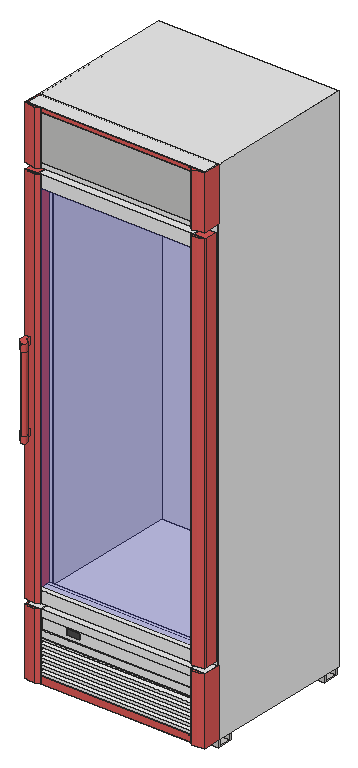
Revit family "QF_Turbo Air_TGM-15SD146659a0-182b-401f-889a-ad04972f01a6", category Specialty Equipment, Revit 2012
Parameters (values of type "White - Wine")
  Width = 2' - 2 3/8"  # constant formula
  Weight in Pounds = 281  # constant formula
  Watermarked By = "http://revitwatermark.com"
  Volts = 115 V
  URL Cutsheet = ""
  URL = "www.turboairinc.com"
  Status [instance] = ""
  Specification by User [instance] = ""
  Specification by Manufacturer [instance] = ""
  Sign Material [instance] = QF_Finishes_Turbo Air Image
  Serial Number [instance] = ""
  Revision Code [instance] = ""
  Phase = 1
  Number of Poles [instance] = 1
  NAFEM Spec ID Number [instance] = ""
  Model = "TGM-15SDV"
  Masterspec [instance] = ""
  Manufacturer = "Turbo Air"  # constant formula
  Lower Door Frame Material = QF_Finishes_White
  Lower Cowl Frame Material = QF_Finishes_Anodized - Red
  Legs [instance] = not(Casters)  # yes
  Item Number [instance] = "-"
  Installed By [instance] = ""
  HP = "1/4"
  Furnished By [instance] = ""
  Foodservice Equipment Identifier = yes
  FL Amps = 5.5 A
  Electrical Remarks [instance] = ""
  Electric Connection Type [instance] = ""
  Elec Conn RI Height [instance] = 0' - 0"
  Elec Conn Connection Height [instance] = if(Casters, 0' 11", 0' 6")  # 0' - 6"
  Door Material = QF_Finishes_Anodized - Red
  Description = "Refrigerator Merchandiser"
  Depth = 2' - 0 3/8"  # constant formula
  Cycle = 60 Hz
  Conn Plug = "NEMA 5-15P"
  CasterLeg Height [instance] = if(Casters, 0' 5", 0' 0 1/2")  # 0' - 0 1/2"
  CSI MasterFormat = "11 41 13"
  Body Material = QF_Finishes_White
  Assembly Code = "E1090320"
  Apparent Power = if(Phase = 3, Volts * FL Amps * 1.73, Volts * FL Amps)  # 632.5 VA
  Casters [instance] = no
Types (4): name | Model | Lower Door Frame Material | Lower Cowl Frame Material | Door Material | Body Material
  (no name) | "TGM-15SDV" | QF_Finishes_White | QF_Finishes_Anodized - Red | QF_Finishes_Anodized - Red | QF_Finishes_White
  Black | "TGM-15SDB" | QF_Finishes_Black | QF_Finishes_Black | QF_Finishes_Black | QF_Finishes_Black
  White | "TGM-15SDW" | QF_Finishes_White | QF_Finishes_White | QF_Finishes_White | QF_Finishes_White
  White - Wine | "TGM-15SDV" | QF_Finishes_White | QF_Finishes_Anodized - Red | QF_Finishes_Anodized - Red | QF_Finishes_White
Reference planes (in)
  plane 1: z = 0
  plane 2 "LEFT": x = -20.72594
  plane 3 "RIGHT": x = 5.64906
  plane 4 "FRONT": y = -29.375
  plane 5 "BACK": y = -2.75
  plane 6 "Front of Door": y = -27.125
  plane 7 "Top of Door": z = 68.5
  plane 8 "Top of Lower Cowl": z = 11.375
  plane 9 "Front of Box": y = -24.75
  plane 10 "Bottom of Door": z = 12.125
  plane 11 "Bottom of Lower Cowl": z = 1.625
  plane 12 "Left of Vents": x = -18.53844
  plane 13 "Right of Vents": x = 3.46156
  plane 14 "Bottom": z = 0.5
  plane 15 "TOP": z = 77.25
  plane 16 "Bottom of Top Display": z = 69.375
Forms (in)
  Extrusion 1, solid, material "QF_Finishes_White" <- "Body Material"
    sketch origin (0, -2.75, 0) x (1, 0, 0) y (0, 0, 1)
      loop
        line (-20.72594, 1.625) -> (5.64906, 1.625) -> (5.64906, 77.25) -> (-20.72594, 77.25) -> (-20.72594, 1.625)
      loop
        line (-20.60094, 77.125) -> (-20.60094, 1.75) -> (5.52406, 1.75) -> (5.52406, 77.125) -> (-20.60094, 77.125)
    from 0 to 22
  Extrusion 2, solid, material "QF_Finishes_White" <- "Body Material"
    sketch origin (0, -2.75, 0) x (1, 0, 0) y (0, 0, 1)
      loop
        line (-20.60094, 77.125) -> (-20.60094, 1.75) -> (5.52406, 1.75) -> (5.52406, 77.125) -> (-20.60094, 77.125)
    from 0 to 0.125
  Extrusion 3, solid, material "QF_Finishes_White" <- "Body Material"
    sketch origin (0, -24.75, 0) x (1, 0, 0) y (0, 0, 1)
      loop
        line (-18.72594, 66.5) -> (-18.72594, 13.375) -> (3.64906, 13.375) -> (3.64906, 66.5) -> (-18.72594, 66.5)
      loop
        line (-20.60094, 77.125) -> (-20.60094, 1.75) -> (5.52406, 1.75) -> (5.52406, 77.125) -> (-20.60094, 77.125)
      loop
        line (3.46156, 11.375) -> (-18.53844, 11.375) -> (-18.53844, 2.625) -> (3.46156, 2.625) -> (3.46156, 11.375)
    from 0 to -0.125
  Extrusion 4, solid, material "QF_Finishes_White"
    sketch origin (-20.72594, 0, 0) x (0, 1, 0) y (0, 0, 1)
      loop
        line (-24.625, 11.5) -> (-2.875, 11.5) -> (-2.875, 77.125) -> (-24.625, 77.125) -> (-24.625, 66.5) -> (-22.75, 66.5) -> (-22.75, 75.25) -> (-4.75, 75.25) -> (-4.75, 13.375) -> (-24.625, 13.375) -> (-24.625, 11.5)
    from 0.125 to 26.25
  Extrusion 5, solid, material "QF_Finishes_White"
    sketch origin (-20.72594, 0, 0) x (0, 1, 0) y (0, 0, 1)
      loop
        line (-24.625, 13.375) -> (-4.75, 13.375) -> (-4.75, 75.25) -> (-22.75, 75.25) -> (-22.75, 66.5) -> (-24.625, 66.5) -> (-24.625, 13.375)
    from 0.125 to 2
  Extrusion 6, solid, material "QF_Finishes_White"
    sketch origin (5.64906, 0, 0) x (0, 1, 0) y (0, 0, 1)
      loop
        line (-24.625, 13.375) -> (-4.75, 13.375) -> (-4.75, 75.25) -> (-22.75, 75.25) -> (-22.75, 66.5) -> (-24.625, 66.5) -> (-24.625, 13.375)
    from -0.125 to -2
  Extrusion 7, solid, material "QF_Finishes_Black"
    sketch origin (0, -24.75, 0) x (1, 0, 0) y (0, 0, 1)
      loop
        line (-19.41344, 67.1875) -> (-19.41344, 12.6875) -> (4.33656, 12.6875) -> (4.33656, 67.1875) -> (-19.41344, 67.1875)
      loop
        line (-19.53844, 67.3125) -> (-19.53844, 12.5625) -> (4.46156, 12.5625) -> (4.46156, 67.3125) -> (-19.53844, 67.3125)
    from 0 to 0.4375
  Extrusion 8, solid, material "QF_Finishes_White" <- "Body Material"
    sketch origin (0, -2.75, 0) x (1, 0, 0) y (0, 0, 1)
      loop
        circle (-7.53844, 6) r 0.25
    from 0 to -0.0625
  Extrusion 9, solid, material "QF_Finishes_Anodized - Red" <- "Door Material"
    sketch origin (0, 0, 1.625) x (0, 1, 0) y (-1, 0, 0)
      loop
        line (-24.75, 20.72594) -> (-27.25, 20.72594)
        arc (-27.25, 20.72594) -> (-27.46771, 19.92526) -> (-27.5625, 19.10094) r 5.5
        line (-27.5625, 19.10094) -> (-27.1875, 18.53844) -> (-27.125, 18.53844) -> (-27.125, 20.60094) -> (-24.75, 20.60094) -> (-24.75, 20.72594)
    from 0 to 9.75
  Extrusion 10, solid, material "QF_Finishes_Anodized - Red" <- "Door Material"
    sketch origin (25.75, 0, 1.625) x (0, 1, 0) y (-1, 0, 0)
      loop
        line (-24.75, 20.10094) -> (-24.75, 20.22594) -> (-27.125, 20.22594) -> (-27.125, 22.28844) -> (-27.1875, 22.28844) -> (-27.5625, 21.72594)
        arc (-27.5625, 21.72594) -> (-27.46771, 20.90162) -> (-27.25, 20.10094) r 5.5
        line (-27.25, 20.10094) -> (-24.75, 20.10094)
    from 0 to 9.75
  Extrusion 11, solid, material "QF_Finishes_White" <- "Body Material"
    sketch origin (0, -24.75, 0) x (1, 0, 0) y (0, 0, 1)
      loop
        line (-18.53844, 11.375) -> (-18.53844, 10.375) -> (3.46156, 10.375) -> (3.46156, 11.375) -> (-18.53844, 11.375)
      loop
        line (-18.53844, 8.6875) -> (-18.53844, 7.6875) -> (3.46156, 7.6875) -> (3.46156, 8.6875) -> (-18.53844, 8.6875)
    from 0 to 2.375
  Extrusion 12, solid, material "QF_Finishes_White" <- "Body Material"
    sketch origin (0, -24.75, 0) x (1, 0, 0) y (0, 0, 1)
      loop
        line (-18.53844, 10.375) -> (-18.53844, 8.6875) -> (3.46156, 8.6875) -> (3.46156, 10.375) -> (-18.53844, 10.375)
      loop
        line (-14.97594, 9.125) -> (-13.03844, 9.125) -> (-13.03844, 9.9375) -> (-14.97594, 9.9375) -> (-14.97594, 9.125)
    from 0 to 2.125
  Extrusion 13, solid, material "QF_Finishes_Black"
    sketch origin (0, -24.75, 0) x (1, 0, 0) y (0, 0, 1)
      loop
        line (-14.97594, 9.9375) -> (-14.97594, 9.125) -> (-13.03844, 9.125) -> (-13.03844, 9.9375) -> (-14.97594, 9.9375)
    from 0 to 2.125
  Extrusion 14, solid, material "QF_Finishes_White" <- "Body Material"
    sketch origin (0, -24.75, 0) x (1, 0, 0) y (0, 0, 1)
      loop
        line (-20.60094, 11.375) -> (-20.60094, 1.625) -> (5.52406, 1.625) -> (5.52406, 11.375) -> (3.46156, 11.375) -> (3.46156, 2.625) -> (-18.53844, 2.625) -> (-18.53844, 11.375) -> (-20.60094, 11.375)
    from 0 to 2.375
  Extrusion 15, solid, material "QF_Finishes_Anodized - Red" <- "Lower Cowl Frame Material"
    sketch origin (0, -27.125, 0) x (1, 0, 0) y (0, 0, 1)
      loop
        line (-18.53844, 2.625) -> (-18.53844, 1.625) -> (3.46156, 1.625) -> (3.46156, 2.625) -> (-18.53844, 2.625)
    from 0 to 0.0625
  Extrusion 16, solid, material "QF_Finishes_White" <- "Body Material"
    sketch origin (-18.53844, 0, 0) x (0, 1, 0) y (0, 0, 1)
      loop
        line (-27.125, 2.6875) -> (-27, 2.6875) -> (-27, 3.01072) -> (-26.47411, 3.53661) -> (-26.5625, 3.625) -> (-27.125, 3.0625) -> (-27.125, 2.6875)
      loop
        line (-27.125, 3.625) -> (-27, 3.75) -> (-27, 3.94822) -> (-26.47411, 4.47411) -> (-26.5625, 4.5625) -> (-27.125, 4) -> (-27.125, 3.625)
      loop
        line (-27.125, 4.5625) -> (-27, 4.6875) -> (-27, 4.88572) -> (-26.47411, 5.41161) -> (-26.5625, 5.5) -> (-27.125, 4.9375) -> (-27.125, 4.5625)
      loop
        line (-27.125, 5.5) -> (-27, 5.625) -> (-27, 5.82322) -> (-26.47411, 6.34911) -> (-26.5625, 6.4375) -> (-27.125, 5.875) -> (-27.125, 5.5)
      loop
        line (-27.125, 6.4375) -> (-27, 6.5625) -> (-27, 6.76072) -> (-26.47411, 7.28661) -> (-26.47411, 7.625) -> (-27.125, 7.625) -> (-27.125, 7.375) -> (-26.5625, 7.375) -> (-27.125, 6.8125) -> (-27.125, 6.4375)
    from 0 to 22
  Extrusion 17, solid, material "QF_Finishes_Stainless Steel"
    sketch origin (-20.72594, 0, 0) x (0, 1, 0) y (0, 0, 1)
      loop
        line (-24.5625, 1.625) -> (-24.5625, 0.5) -> (-22.375, 0.5) -> (-22.375, 1.625) -> (-22.5, 1.625) -> (-22.5, 0.625) -> (-24.4375, 0.625) -> (-24.4375, 1.625) -> (-24.5625, 1.625)
      loop
        line (-5.125, 1.625) -> (-5.125, 0.5) -> (-2.9375, 0.5) -> (-2.9375, 1.625) -> (-3.0625, 1.625) -> (-3.0625, 0.625) -> (-5, 0.625) -> (-5, 1.625) -> (-5.125, 1.625)
    from 0.125 to 26.25
  Extrusion 18, solid, material "QF_Finishes_Stainless Steel", visible <- "Legs"
    sketch origin (0, 0, 0) x (1, 0, 0) y (0, 1, 0)
      loop
        circle (-18.41344, -4.03125) r 0.5625
      loop
        circle (-18.41344, -23.46875) r 0.5625
    from 0 to 0.5
  Extrusion 19, solid, material "QF_Finishes_Stainless Steel", visible <- "Legs"
    sketch origin (23.4375, 0, 0) x (1, 0, 0) y (0, 1, 0)
      loop
        circle (-20.10094, -4.03125) r 0.5625
      loop
        circle (-20.10094, -23.46875) r 0.5625
    from 0 to 0.5
  Extrusion 20, solid, material "QF_Finishes_Anodized - Red" <- "Door Material"
    sketch origin (0, 0, 69.375) x (0, 1, 0) y (-1, 0, 0)
      loop
        line (-24.75, 20.72594) -> (-27.25, 20.72594)
        arc (-27.25, 20.72594) -> (-27.46771, 19.92526) -> (-27.5625, 19.10094) r 5.5
        line (-27.5625, 19.10094) -> (-27.1875, 18.53844) -> (-27.125, 18.53844) -> (-27.125, 20.60094) -> (-24.75, 20.60094) -> (-24.75, 20.72594)
    from 0 to 7.875
  Extrusion 21, solid, material "QF_Finishes_Anodized - Red" <- "Door Material"
    sketch origin (0, 0, 69.375) x (0, 1, 0) y (-1, 0, 0)
      loop
        line (-24.75, -5.64906) -> (-24.75, -5.52406) -> (-27.125, -5.52406) -> (-27.125, -3.46156) -> (-27.1875, -3.46156) -> (-27.5625, -4.02406)
        arc (-27.5625, -4.02406) -> (-27.46771, -4.84838) -> (-27.25, -5.64906) r 5.5
        line (-27.25, -5.64906) -> (-24.75, -5.64906)
    from 0 to 7.875
  Extrusion 22, solid, material "QF_Finishes_White" <- "Body Material"
    sketch origin (0, -24.75, 80) x (1, 0, 0) y (0, 0, 1)
      loop
        line (-20.60094, -2.75) -> (-20.60094, -10.625) -> (5.52406, -10.625) -> (5.52406, -2.75) -> (-20.60094, -2.75)
      loop
        line (3.46156, -3.3125) -> (-18.53844, -3.3125) -> (-18.53844, -10.0625) -> (3.46156, -10.0625) -> (3.46156, -3.3125)
    from 0 to 2.375
  Extrusion 23, solid, material "QF_Finishes_Anodized - Red" <- "Lower Cowl Frame Material"
    sketch origin (0, -27.125, 78) x (1, 0, 0) y (0, 0, 1)
      loop
        line (-18.53844, -0.75) -> (-18.53844, -1.3125) -> (3.46156, -1.3125) -> (3.46156, -0.75) -> (-18.53844, -0.75)
    from 0 to 0.0625
  Extrusion 24, solid, material "QF_Finishes_Turbo Air Image" <- "Sign Material"
    sketch origin (0, -24.75, 0) x (1, 0, 0) y (0, 0, 1)
      loop
        line (-18.53844, 76.6875) -> (-18.53844, 69.9375) -> (3.46156, 69.9375) -> (3.46156, 76.6875) -> (-18.53844, 76.6875)
    from 0 to 2.375
Lines and regions (in)
  symbolic lines
    curve 1: line (-20.72594, -2.75, 0) -> (5.64906, -2.75, 0)
    curve 2: line (-20.72594, -24.75, 0) -> (-20.72594, -2.75, 0)
    curve 3: line (5.64906, -24.75, 0) -> (-20.72594, -24.75, 0)
    curve 4: line (5.64906, -2.75, 0) -> (5.64906, -24.75, 0)
    curve 5: line (-19.53844, -24.75, 0) -> (-19.53844, -25.1875, 0)
    curve 6: line (4.46156, -25.1875, 0) -> (4.46156, -24.75, 0)
  symbolic lines, style "QF_Clearances", detail levels coarse
    curve 7: line (5.64906, -53.5, 0) -> (5.64906, -27.125, 0)
    curve 8: arc (-20.72594, -27.125, 0) -> (-13.00088, -45.77494, 0) -> (5.64906, -53.5, 0) r 26.375
Dimensions and locks (in)
  "Width": plane 3 "RIGHT" to plane 2 "LEFT"
  "Depth": plane 6 "Front of Door" to plane 5 "BACK"
  locked: plane 4 "FRONT" to plane 6 "Front of Door" at 2.25
  locked: plane 6 "Front of Door" to plane 9 "Front of Box" at 2.375
  locked: Extrusion 1 sketch curve to plane 2 "LEFT" at 0.125
  locked: Extrusion 1 sketch curve to plane 3 "RIGHT" at 0.125
  locked: Extrusion 3 sketch curve to plane 2 "LEFT" at 2
  locked: plane 7 "Top of Door" to Extrusion 3 sketch curve at 2
  locked: Extrusion 3 sketch curve to plane 3 "RIGHT" at 2
  locked: Extrusion 3 sketch curve to plane 8 "Top of Lower Cowl" at 2
  locked: plane 9 "Front of Box" to Extrusion 4 sketch curve at 0.125  (x2)
  locked: Extrusion 4 sketch curve to plane 5 "BACK" at 0.125
  locked: plane 8 "Top of Lower Cowl" to Extrusion 4 sketch curve at 0.125
  locked: Extrusion 4 sketch curve to Extrusion 4 sketch curve at 1.875  (x4)
  locked: plane 9 "Front of Box" to Extrusion 5 sketch curve at 0.125
  locked: plane 7 "Top of Door" to Extrusion 5 sketch curve at 2
  locked: Extrusion 5 sketch curve to plane 5 "BACK" at 2
  locked: plane 8 "Top of Lower Cowl" to Extrusion 5 sketch curve at 2
  locked: plane 7 "Top of Door" to Extrusion 6 sketch curve at 2
  locked: plane 8 "Top of Lower Cowl" to Extrusion 6 sketch curve at 2
  locked: Extrusion 6 sketch curve to plane 5 "BACK" at 2
  locked: plane 9 "Front of Box" to Extrusion 6 sketch curve at 0.125
  locked: Extrusion 7 sketch curve to Extrusion 7 sketch curve at 0.125  (x4)
  locked: Extrusion 7 sketch curve to plane 8 "Top of Lower Cowl" at 1.1875
  locked: Extrusion 7 sketch curve to plane 2 "LEFT" at 1.1875
  locked: plane 7 "Top of Door" to Extrusion 7 sketch curve at 1.1875
  locked: Extrusion 7 sketch curve to plane 3 "RIGHT" at 1.1875
  locked: plane 10 "Bottom of Door" to plane 8 "Top of Lower Cowl" at 0.75
  locked: plane 8 "Top of Lower Cowl" to plane 11 "Bottom of Lower Cowl" at 9.75
  locked: Extrusion 1 sketch curve to plane 11 "Bottom of Lower Cowl" at 0.125
  locked: plane 2 "LEFT" to plane 12 "Left of Vents" at 2.1875
  locked: plane 13 "Right of Vents" to plane 3 "RIGHT" at 2.1875
  locked: Extrusion 9 sketch curve to plane 6 "Front of Door" at 0.0625
  locked: Extrusion 9 sketch curve to plane 6 "Front of Door" at 0.125
  locked: Extrusion 9 sketch curve to plane 6 "Front of Door" at 0.4375
  locked: plane 2 "LEFT" to Extrusion 9 sketch curve at 1.625
  locked: Extrusion 10 sketch curve to plane 6 "Front of Door" at 0.125
  locked: Extrusion 10 sketch curve to plane 6 "Front of Door" at 0.0625
  locked: Extrusion 10 sketch curve to plane 6 "Front of Door" at 0.4375
  locked: Extrusion 10 sketch curve to plane 3 "RIGHT" at 1.625
  locked: plane 8 "Top of Lower Cowl" to Extrusion 11 sketch curve at 1
  locked: Extrusion 11 sketch curve to Extrusion 11 sketch curve at 1.6875
  locked: Extrusion 11 sketch curve to Extrusion 11 sketch curve at 1
  locked: plane 8 "Top of Lower Cowl" to Extrusion 12 sketch curve at 1
  locked: Extrusion 12 sketch curve to Extrusion 12 sketch curve at 1.6875
  locked: Extrusion 12 sketch curve to Extrusion 12 sketch curve at 0.4375
  locked: Extrusion 12 sketch curve to Extrusion 12 sketch curve at 0.8125
  locked: Extrusion 12 sketch curve to plane 12 "Left of Vents" at 3.5625
  locked: Extrusion 12 sketch curve to Extrusion 12 sketch curve at 1.9375
  locked: plane 8 "Top of Lower Cowl" to Extrusion 13 sketch curve at 1.4375
  locked: Extrusion 13 sketch curve to Extrusion 13 sketch curve at 0.8125
  locked: Extrusion 13 sketch curve to plane 12 "Left of Vents" at 3.5625
  locked: Extrusion 13 sketch curve to Extrusion 13 sketch curve at 1.9375
  locked: Extrusion 3 sketch curve to plane 11 "Bottom of Lower Cowl" at 0.125
  locked: Extrusion 3 sketch curve to plane 11 "Bottom of Lower Cowl" at 1
  locked: Extrusion 14 sketch curve to plane 11 "Bottom of Lower Cowl" at 1
  locked: Extrusion 15 sketch curve to plane 11 "Bottom of Lower Cowl" at 1
  locked: plane 2 "LEFT" to Extrusion 14 sketch curve at 0.125
  locked: plane 3 "RIGHT" to Extrusion 14 sketch curve at 0.125
  locked: plane 2 "LEFT" to Extrusion 9 sketch curve at 0.125
  locked: Extrusion 10 sketch curve to plane 3 "RIGHT" at 0.125
  locked: plane 11 "Bottom of Lower Cowl" to plane 14 "Bottom" at 1.125
  "CasterLeg Height": plane 14 "Bottom" to level
  locked: plane 7 "Top of Door" to plane 10 "Bottom of Door" at 56.375
  locked: Extrusion 17 sketch curve to Extrusion 17 sketch curve at 0.125  (x4)
  locked: plane 9 "Front of Box" to Extrusion 17 sketch curve at 0.1875
  locked: plane 14 "Bottom" to Extrusion 17 sketch curve at 0.125  (x2)
  locked: Extrusion 17 sketch curve to plane 5 "BACK" at 0.1875
  locked: Extrusion 17 sketch curve to Extrusion 17 sketch curve at 1.9375  (x2)
  locked: plane 2 "LEFT" to Extrusion 17 at 0.125
  locked: plane 3 "RIGHT" to Extrusion 17 at 0.125
  locked: Extrusion 18 sketch curve to plane 5 "BACK" at 1.28125
  locked: plane 2 "LEFT" to Extrusion 18 sketch curve at 2.3125  (x2)
  locked: plane 9 "Front of Box" to Extrusion 18 sketch curve at 1.28125
  locked: Extrusion 19 sketch curve to plane 5 "BACK" at 1.28125
  locked: Extrusion 19 sketch curve to plane 3 "RIGHT" at 2.3125  (x2)
  locked: plane 9 "Front of Box" to Extrusion 19 sketch curve at 1.28125
  locked: plane 2 "LEFT" to nested 2 at 2.3125
  locked: nested 2 to plane 5 "BACK" at 1.28125
  locked: nested 3 to plane 5 "BACK" at 1.28125
  locked: nested 3 to plane 3 "RIGHT" at 2.3125
  locked: plane 9 "Front of Box" to nested 4 at 1.28125
  locked: plane 2 "LEFT" to nested 4 at 2.3125
  locked: nested 5 to plane 3 "RIGHT" at 2.3125
  locked: plane 9 "Front of Box" to nested 5 at 1.28125
  equal spacing: plane 3 "RIGHT", Extrusion 8 sketch curve, plane 2 "LEFT"
  locked: Extrusion 8 sketch curve to plane 14 "Bottom" at 5.5
  locked: plane 15 "TOP" to plane 16 "Bottom of Top Display" at 7.875
  locked: plane 16 "Bottom of Top Display" to plane 7 "Top of Door" at 0.875
  locked: plane 15 "TOP" to Extrusion 1 sketch curve at 0.125
  locked: Extrusion 4 sketch curve to plane 15 "TOP" at 0.125
  locked: Extrusion 4 sketch curve to plane 7 "Top of Door" at 2
  locked: plane 9 "Front of Box" to Extrusion 6 sketch curve at 2
  locked: Extrusion 6 sketch curve to plane 15 "TOP" at 2
  locked: plane 9 "Front of Box" to Extrusion 5 sketch curve at 2
  locked: plane 15 "TOP" to Extrusion 5 sketch curve at 2
  locked: Extrusion 22 sketch curve to plane 16 "Bottom of Top Display" at 0.5625
  locked: plane 15 "TOP" to Extrusion 22 sketch curve at 0.5625
  locked: plane 2 "LEFT" to Extrusion 22 sketch curve at 0.125
  locked: plane 3 "RIGHT" to Extrusion 22 sketch curve at 0.125
  locked: plane 15 "TOP" to Extrusion 23 sketch curve at 0.5625
  locked: plane 15 "TOP" to Extrusion 24 sketch curve at 0.5625
  locked: Extrusion 24 sketch curve to plane 16 "Bottom of Top Display" at 0.5625
  aligned and locked: level to plane 1
  aligned and locked: Extrusion 1 sketch curve to plane 3 "RIGHT"
  aligned and locked: plane 2 "LEFT" to Extrusion 1 sketch curve
  aligned and locked: plane 9 "Front of Box" to Extrusion 1
  aligned and locked: Extrusion 2 sketch curve to Extrusion 1  (x2)
  aligned and locked: Extrusion 3 sketch curve to Extrusion 1  (x2)
  aligned and locked: Extrusion 4 to Extrusion 1  (x2)
  aligned and locked: Extrusion 5 to Extrusion 1
  aligned and locked: Extrusion 1 to Extrusion 6
  aligned and locked: plane 2 "LEFT" to nested 1
  aligned and locked: plane 3 "RIGHT" to nested 1
  aligned and locked: plane 5 "BACK" to curve 1
  aligned and locked: plane 2 "LEFT" to curve 2
  aligned and locked: curve 3 to plane 9 "Front of Box"
  aligned and locked: curve 4 to plane 3 "RIGHT"
  aligned and locked: curve 5 to Extrusion 7
  aligned and locked: curve 6 to Extrusion 7
  aligned and locked: nested 1 to plane 10 "Bottom of Door"
  aligned and locked: plane 11 "Bottom of Lower Cowl" to Extrusion 1 sketch curve
  aligned and locked: Extrusion 9 sketch curve to plane 2 "LEFT"
  aligned and locked: plane 6 "Front of Door" to Extrusion 9 sketch curve
  aligned and locked: Extrusion 9 sketch curve to plane 12 "Left of Vents"
  aligned and locked: Extrusion 10 sketch curve to plane 3 "RIGHT"
  aligned and locked: Extrusion 10 sketch curve to plane 6 "Front of Door"
  aligned and locked: Extrusion 10 sketch curve to plane 13 "Right of Vents"
  aligned and locked: plane 8 "Top of Lower Cowl" to Extrusion 9
  aligned and locked: plane 8 "Top of Lower Cowl" to Extrusion 10
  aligned and locked: plane 8 "Top of Lower Cowl" to Extrusion 11 sketch curve
  aligned and locked: Extrusion 11 sketch curve to plane 12 "Left of Vents"
  aligned and locked: plane 12 "Left of Vents" to Extrusion 11 sketch curve
  aligned and locked: Extrusion 11 sketch curve to plane 13 "Right of Vents"
  aligned and locked: plane 13 "Right of Vents" to Extrusion 11 sketch curve
  aligned and locked: plane 6 "Front of Door" to Extrusion 11
  aligned and locked: plane 12 "Left of Vents" to Extrusion 12 sketch curve
  aligned and locked: Extrusion 12 sketch curve to plane 13 "Right of Vents"
  aligned and locked: plane 8 "Top of Lower Cowl" to Extrusion 3 sketch curve
  aligned and locked: Extrusion 3 sketch curve to plane 12 "Left of Vents"
  aligned and locked: Extrusion 3 sketch curve to plane 13 "Right of Vents"
  aligned and locked: plane 8 "Top of Lower Cowl" to Extrusion 14 sketch curve  (x2)
  aligned and locked: Extrusion 14 sketch curve to plane 11 "Bottom of Lower Cowl"
  aligned and locked: Extrusion 14 sketch curve to plane 13 "Right of Vents"
  aligned and locked: plane 6 "Front of Door" to Extrusion 14
  aligned and locked: plane 11 "Bottom of Lower Cowl" to Extrusion 15 sketch curve
  aligned and locked: plane 12 "Left of Vents" to Extrusion 15 sketch curve
  aligned and locked: Extrusion 15 sketch curve to plane 13 "Right of Vents"
  aligned and locked: plane 13 "Right of Vents" to Extrusion 16
  aligned and locked: plane 9 "Front of Box" to Extrusion 9 sketch curve
  aligned and locked: plane 9 "Front of Box" to Extrusion 10 sketch curve
  aligned and locked: Extrusion 17 sketch curve to plane 11 "Bottom of Lower Cowl"  (x4)
  aligned and locked: Extrusion 17 sketch curve to plane 14 "Bottom"  (x2)
  aligned and locked: plane 14 "Bottom" to Extrusion 18
  aligned and locked: plane 14 "Bottom" to Extrusion 19
  aligned and locked: Extrusion 1 sketch curve to plane 15 "TOP"
  aligned and locked: plane 15 "TOP" to Extrusion 22 sketch curve
  aligned and locked: Extrusion 22 sketch curve to plane 16 "Bottom of Top Display"
  aligned and locked: plane 12 "Left of Vents" to Extrusion 22 sketch curve
  aligned and locked: Extrusion 22 sketch curve to plane 13 "Right of Vents"
  aligned and locked: plane 15 "TOP" to Extrusion 20
  aligned and locked: plane 6 "Front of Door" to Extrusion 22
  aligned and locked: plane 12 "Left of Vents" to Extrusion 23 sketch curve
  aligned and locked: Extrusion 23 sketch curve to plane 15 "TOP"
  aligned and locked: Extrusion 23 sketch curve to plane 13 "Right of Vents"
  aligned and locked: plane 12 "Left of Vents" to Extrusion 24 sketch curve
  aligned and locked: Extrusion 24 to plane 9 "Front of Box"
  aligned and locked: plane 13 "Right of Vents" to Extrusion 24
Automatic sketch dimensions
  curve 8 to plane 2 "LEFT" = 0' - 0"
  curve 7 to plane 3 "RIGHT" = 0' - 0"
  plane 6 "Front of Door" to curve 7 = 0' - 0"
  plane 6 "Front of Door" to curve 8 = 0' - 0"
  plane 9 "Front of Box" to curve 5 = 0' - 0 7/16"
  plane 9 "Front of Box" to curve 6 = 0' - 0 7/16"
  plane 11 "Bottom of Lower Cowl" to Extrusion 2 sketch curve = 0' - 0 1/8"
  Extrusion 2 sketch curve to plane 15 "TOP" = 0' - 0 1/8"
  Extrusion 3 sketch curve to plane 15 "TOP" = 0' - 0 1/8"
  Extrusion 9 sketch curve to plane 12 "Left of Vents" = 0' - 0.34816"
  plane 13 "Right of Vents" to Extrusion 10 sketch curve = 0' - 0.34816"
  Extrusion 14 sketch curve to plane 12 "Left of Vents" = 0' - 0"
  Extrusion 16 sketch curve to plane 6 "Front of Door" = 0' - 0"  (x6)
  Extrusion 16 sketch curve to plane 6 "Front of Door" = 0' - 0 1/8"  (x5)
  Extrusion 16 sketch curve to Extrusion 16 sketch curve = 0' - 0 7/16"  (x4)
  Extrusion 16 sketch curve to plane 6 "Front of Door" = 0' - 0 9/16"
  Extrusion 16 sketch curve to Extrusion 16 sketch curve = 0' - 0.08839"  (x5)
  plane 11 "Bottom of Lower Cowl" to Extrusion 16 sketch curve = 0' - 1 1/16"
  Extrusion 16 sketch curve to Extrusion 16 sketch curve = 0' - 0.32322"
  Extrusion 16 sketch curve to Extrusion 16 sketch curve = 0' - 0.05178"  (x5)
  Extrusion 16 sketch curve to Extrusion 16 sketch curve = 0' - 0"  (x2)
  Extrusion 16 sketch curve to Extrusion 16 sketch curve = 0' - 0 1/8"  (x4)
  Extrusion 16 sketch curve to Extrusion 16 sketch curve = 0' - 0.19822"  (x4)
  Extrusion 16 sketch curve to Extrusion 16 sketch curve = 0' - 0 9/16"  (x3)
  Extrusion 16 sketch curve to Extrusion 16 sketch curve = 0' - 0.52589"
  Extrusion 16 sketch curve to Extrusion 16 sketch curve = 0' - 0 1/4"
  Extrusion 20 sketch curve to plane 2 "LEFT" = 0' - 0"
  Extrusion 20 sketch curve to plane 12 "Left of Vents" = 0' - 0"
  plane 6 "Front of Door" to Extrusion 20 sketch curve = 0' - 0"
  plane 9 "Front of Box" to Extrusion 20 sketch curve = 0' - 0"
  Extrusion 20 sketch curve to Extrusion 20 sketch curve = 0' - 0 1/16"
  plane 6 "Front of Door" to Extrusion 20 sketch curve = 0' - 0 1/8"
  plane 6 "Front of Door" to Extrusion 20 sketch curve = 0' - 0 7/16"
  Extrusion 20 sketch curve to plane 12 "Left of Vents" = 0' - 0.34816"
  Extrusion 20 sketch curve to plane 9 "Front of Box" = 0' - 2.68332"
  Extrusion 20 sketch curve to Extrusion 20 sketch curve = 0' - 0 1/8"
  Extrusion 21 sketch curve to plane 3 "RIGHT" = 0' - 0"
  Extrusion 21 sketch curve to plane 13 "Right of Vents" = 0' - 0"
  plane 6 "Front of Door" to Extrusion 21 sketch curve = 0' - 0"
  plane 9 "Front of Box" to Extrusion 21 sketch curve = 0' - 0"
  Extrusion 21 sketch curve to Extrusion 21 sketch curve = 0' - 0 1/16"
  plane 6 "Front of Door" to Extrusion 21 sketch curve = 0' - 0 1/8"
  plane 6 "Front of Door" to Extrusion 21 sketch curve = 0' - 0 7/16"
  plane 13 "Right of Vents" to Extrusion 21 sketch curve = 0' - 0.34816"
  Extrusion 21 sketch curve to plane 9 "Front of Box" = 0' - 2.68332"
  Extrusion 21 sketch curve to plane 3 "RIGHT" = 0' - 0 1/8"
  plane 13 "Right of Vents" to Extrusion 24 sketch curve = 0' - 0"
  radius of Extrusion 8 sketch curve = 0' - 0 1/4"
  radius of Extrusion 18 sketch curve = 0' - 0 9/16"  (x2)
  radius of Extrusion 19 sketch curve = 0' - 0 9/16"  (x2)
Nested families (in)
  nested 1: "QF_Turbo Air_RI_Merch-Door" at (-5.54927, -25.1875, 12.125), Handle Material <- "Door Material", Door Frame Top Material <- "Body Material", Door Frame Sides Material <- "Door Material", Door Frame Bottom Material <- "Lower Door Frame Material", type "QF_Turbo Air_RI_Merch-Door"
    with Width 2' - 2 3/8", Symbolic Lines yes, Height 4' - 8 3/8", Handle Material QF_Finishes_Anodized - Red, Door Frame Top Material QF_Finishes_White, Door Frame Sides Material QF_Finishes_Anodized - Red, Door Frame Bottom Material QF_Finishes_White, Depth 0' - 1 15/16", CL Handle Height 2' - 4 3/16"
  nested 2: "FESCasterLeg" at (-18.41344, -4.03125, 0), Casters <- "Casters", type "FESCasterLeg"
    with Legs no, Height 0' - 5", Casters no, Caster Radius 0' - 2"
  nested 3: "FESCasterLeg" at (3.33656, -4.03125, 0), Casters <- "Casters", type "FESCasterLeg"
    with Legs no, Height 0' - 5", Casters no, Caster Radius 0' - 2"
  nested 4: "FESCasterLeg" at (-18.41344, -23.46875, 0), Casters <- "Casters", type "FESCasterLeg"
    with Legs no, Height 0' - 5", Casters no, Caster Radius 0' - 2"
  nested 5: "FESCasterLeg" at (3.33656, -23.46875, 0), Casters <- "Casters", type "FESCasterLeg"
    with Legs no, Height 0' - 5", Casters no, Caster Radius 0' - 2"
Connectors (in)
  electrical at (-7.53844, -2.6875, 6), driven by "Number of Poles", driven by "Volts", driven by "Apparent Power"
    settings: on Extrusion 8, index 1, voltage 115 V, apparent load 632.5 VA, apparent load phase1 0 VA, apparent load phase2 0 VA, apparent load phase3 0 VA, power factor 1, load classification "Other", number of poles 1, system type 30, power factor state 1, is connector primary yes, connector utility no, sub classification motor no, connector description "Electric"
Definition of nested family "QF_Turbo Air_RI_Merch-Door"
  Parameters (values of type "QF_Turbo Air_RI_Merch-Door")
    Width [instance] = 2' - 1"
    Watermarked By = "http://revitwatermark.com"
    Symbolic Lines [instance] = yes
    Manufacturer = "Turbo Air"  # constant formula
    Height [instance] = 2' - 6 1/2"
    Handle Material [instance] = QF_Finishes_Stainless Steel
    Door Frame Top Material [instance] = QF_Finishes_Stainless Steel
    Door Frame Sides Material [instance] = QF_Finishes_Stainless Steel
    Door Frame Bottom Material [instance] = QF_Finishes_Stainless Steel
    Depth [instance] = 0' - 1 15/16"
    CL Handle Height [instance] = 1' - 3 3/16"
  Reference planes (in)
    plane 1 "BACK": y = 0
    plane 2: z = 0
    plane 3 "LEFT": x = -15.17667
    plane 4: x = 9.82333
    plane 5 "FRONT": y = -1.9375
    plane 6: z = 30.5
    plane 7 "Top of Handle": z = 21.6875
    plane 8 "Bottom of Handle": z = 8.6875
    plane 9 "Center of Handle": z = 15.1875
    plane 10: x = -13.36417
    plane 11: x = 8.01083
    plane 12: z = 28.6875
    plane 13: z = 1.8125
    plane 14: z = 20.6875
    plane 15: z = 9.6875
  Forms (in)
    Extrusion 1, solid, material "QF_Finishes_Stainless Steel" <- "Door Frame Sides Material"
      sketch origin (0, 0, 0) x (1, 0, 0) y (0, 0, 1)
        loop
          line (-15.17667, 30.5) -> (-15.17667, 0) -> (-13.36417, 0) -> (-13.36417, 30.5) -> (-15.17667, 30.5)
        loop
          line (9.82333, 0) -> (9.82333, 30.5) -> (8.01083, 30.5) -> (8.01083, 0) -> (9.82333, 0)
      from 0 to 1.9375
    Extrusion 2, solid, material "QF_Finishes_Glass"
      sketch origin (0, 0, 0) x (1, 0, 0) y (0, 0, 1)
        loop
          line (-13.36417, 28.6875) -> (-13.36417, 1.8125) -> (8.01083, 1.8125) -> (8.01083, 28.6875) -> (-13.36417, 28.6875)
      from 0.5 to 1.4375
    Extrusion 3, solid, material "QF_Finishes_Stainless Steel" <- "Handle Material"
      sketch origin (0, 0, 8.6875) x (0, 1, 0) y (-1, 0, 0)
        loop
          circle (-3.8125, 13.92667) r 0.375
      from 1 to 12
    Extrusion 4, solid, material "QF_Finishes_Stainless Steel" <- "Handle Material"
      sketch origin (0, 0, 8.6875) x (0, 1, 0) y (-1, 0, 0)
        loop
          line (-1.9375, 14.86417) -> (-3.25, 14.86417)
          arc (-3.25, 14.86417) -> (-3.39351, 14.83562) -> (-3.51517, 14.75433) r 0.375
          line (-3.51517, 14.75433) -> (-4.07767, 14.19183)
          arc (-4.07767, 14.19183) -> (-4.07767, 13.6615) -> (-3.54733, 13.6615) r 0.375
          line (-3.54733, 13.6615) -> (-2.90717, 14.30167) -> (-1.9375, 14.30167) -> (-1.9375, 14.86417)
      from 0 to 1
    Extrusion 5, solid, material "QF_Finishes_Stainless Steel" <- "Handle Material"
      sketch origin (0, 0, 21.6875) x (0, 1, 0) y (-1, 0, 0)
        loop
          line (-1.9375, 14.86417) -> (-3.25, 14.86417)
          arc (-3.25, 14.86417) -> (-3.39351, 14.83562) -> (-3.51517, 14.75433) r 0.375
          line (-3.51517, 14.75433) -> (-4.07767, 14.19183)
          arc (-4.07767, 14.19183) -> (-4.07767, 13.6615) -> (-3.54733, 13.6615) r 0.375
          line (-3.54733, 13.6615) -> (-2.90717, 14.30167) -> (-1.9375, 14.30167) -> (-1.9375, 14.86417)
      from 0 to -1
    Extrusion 6, solid, material "QF_Finishes_Stainless Steel" <- "Door Frame Top Material"
      sketch origin (0, 0, 0) x (1, 0, 0) y (0, 0, 1)
        loop
          line (-13.36417, 30.5) -> (-13.36417, 28.6875) -> (8.01083, 28.6875) -> (8.01083, 30.5) -> (-13.36417, 30.5)
      from 0 to 1.9375
    Extrusion 7, solid, material "QF_Finishes_Stainless Steel" <- "Door Frame Bottom Material"
      sketch origin (0, 0, 0) x (1, 0, 0) y (0, 0, 1)
        loop
          line (-13.36417, 1.8125) -> (-13.36417, 0) -> (8.01083, 0) -> (8.01083, 1.8125) -> (-13.36417, 1.8125)
      from 0 to 1.9375
    Extrusion 8, solid, material "QF_Finishes_Stainless Steel" <- "Door Frame Sides Material"
      sketch origin (0, 0, 0) x (1, 0, 0) y (0, 1, 0)
        loop
          line (-15.17667, -1.9375) -> (-15.17667, -2.0625)
          arc (-15.17667, -2.0625) -> (-14.37599, -2.28021) -> (-13.55167, -2.375) r 5.5
          line (-13.55167, -2.375) -> (-12.98917, -2) -> (-12.98917, -1.9375) -> (-15.17667, -1.9375)
      from 0 to 30.5
    Extrusion 9, solid, material "QF_Finishes_Stainless Steel" <- "Door Frame Sides Material"
      sketch origin (25, 0, 0) x (1, 0, 0) y (0, 1, 0)
        loop
          line (-15.17667, -1.9375) -> (-17.36417, -1.9375) -> (-17.36417, -2) -> (-16.80167, -2.375)
          arc (-16.80167, -2.375) -> (-15.97735, -2.28021) -> (-15.17667, -2.0625) r 5.5
          line (-15.17667, -2.0625) -> (-15.17667, -1.9375)
      from 0 to 30.5
  Lines and regions (in)
    symbolic lines, visible <- "Symbolic Lines"
      curve 1: line (-15.17667, 0, 8.6875) -> (9.82333, 0, 8.6875)
      curve 2: line (-15.17667, -1.9375, 8.6875) -> (-15.17667, 0, 8.6875)
      curve 3: line (9.82333, -1.9375, 8.6875) -> (-15.17667, -1.9375, 8.6875)
      curve 4: line (9.82333, 0, 8.6875) -> (9.82333, -1.9375, 8.6875)
      curve 11: line (-15.17667, -1.9375, 0) -> (-15.17667, -2.0625, 0)
      curve 12: arc (-15.17667, -2.0625, 0) -> (-14.37599, -2.28021, 0) -> (-13.55167, -2.375, 0) r 5.5
      curve 13: line (-13.55167, -2.375, 0) -> (-12.98917, -2, 0)
      curve 14: line (-12.98917, -2, 0) -> (-12.98917, -1.9375, 0)
      curve 15: line (7.63583, -1.9375, 0) -> (7.63583, -2, 0)
      curve 16: line (7.63583, -2, 0) -> (8.19833, -2.375, 0)
      curve 17: arc (8.19833, -2.375, 0) -> (9.02265, -2.28021, 0) -> (9.82333, -2.0625, 0) r 5.5
      curve 18: line (9.82333, -2.0625, 0) -> (9.82333, -1.9375, 0)
    symbolic lines
      curve 5: line (-14.86417, -2.163, 8.6875) -> (-14.86417, -3.25, 8.6875)
      curve 6: arc (-14.86417, -3.25, 8.6875) -> (-14.83562, -3.39351, 8.6875) -> (-14.75433, -3.51517, 8.6875) r 0.375
      curve 7: line (-14.75433, -3.51517, 8.6875) -> (-14.19183, -4.07767, 8.6875)
      curve 8: arc (-14.19183, -4.07767, 8.6875) -> (-13.6615, -4.07767, 8.6875) -> (-13.6615, -3.54733, 8.6875) r 0.375
      curve 9: line (-13.6615, -3.54733, 8.6875) -> (-14.30167, -2.90717, 8.6875)
      curve 10: line (-14.30167, -2.90717, 8.6875) -> (-14.30167, -2.29398, 8.6875)
  Dimensions and locks (in)
    "Width": plane 4 to plane 3 "LEFT"
    "Depth": plane 5 "FRONT" to plane 1 "BACK"
    "Height": plane 6 to plane 2
    locked: plane 7 "Top of Handle" to plane 8 "Bottom of Handle" at 13
    equal spacing: plane 7 "Top of Handle", plane 9 "Center of Handle", plane 8 "Bottom of Handle"
    locked: plane 13 to level at 1.8125
    locked: plane 6 to plane 12 at 1.8125
    locked: plane 3 "LEFT" to plane 10 at 1.8125
    locked: plane 11 to plane 4 at 1.8125
    locked: plane 1 "BACK" to Extrusion 2 at 0.5
    locked: Extrusion 2 to plane 5 "FRONT" at 0.5
    "CL Handle Height": plane 9 "Center of Handle" to level
    locked: plane 7 "Top of Handle" to plane 14 at 1
    locked: plane 15 to plane 8 "Bottom of Handle" at 1
    locked: plane 3 "LEFT" to Extrusion 3 sketch curve at 1.25
    locked: Extrusion 3 sketch curve to plane 5 "FRONT" at 1.875
    locked: Extrusion 4 sketch curve to Extrusion 4 sketch curve at 0.5625
    locked: plane 3 "LEFT" to Extrusion 4 sketch curve at 0.3125
    locked: Extrusion 4 sketch curve to plane 5 "FRONT" at 1.3125
    locked: Extrusion 4 sketch curve to plane 5 "FRONT" at 0.96967
    locked: Extrusion 4 sketch curve to plane 5 "FRONT" at 1.57767
    locked: plane 3 "LEFT" to Extrusion 4 sketch curve at 0.42233
    locked: Extrusion 5 sketch curve to Extrusion 5 sketch curve at 0.5625
    locked: plane 3 "LEFT" to Extrusion 8 sketch curve at 2.1875
    locked: Extrusion 8 sketch curve to plane 5 "FRONT" at 0.125
    locked: Extrusion 8 sketch curve to plane 5 "FRONT" at 0.0625
    locked: plane 3 "LEFT" to Extrusion 8 sketch curve at 1.625
    locked: Extrusion 8 sketch curve to plane 5 "FRONT" at 0.4375
    locked: Extrusion 9 sketch curve to plane 4 at 2.1875
    locked: Extrusion 9 sketch curve to plane 4 at 1.625
    locked: Extrusion 9 sketch curve to plane 5 "FRONT" at 0.0625
    locked: Extrusion 9 sketch curve to plane 5 "FRONT" at 0.4375
    locked: Extrusion 9 sketch curve to plane 5 "FRONT" at 0.125
    aligned and locked: level to plane 2
    aligned and locked: Extrusion 1 sketch curve to plane 6
    aligned and locked: plane 3 "LEFT" to Extrusion 1 sketch curve
    aligned and locked: level to Extrusion 1 sketch curve
    aligned and locked: Extrusion 1 sketch curve to plane 4
    aligned and locked: plane 5 "FRONT" to Extrusion 1
    aligned and locked: plane 10 to Extrusion 1 sketch curve
    aligned and locked: Extrusion 1 sketch curve to plane 11
    aligned and locked: Extrusion 2 sketch curve to plane 12
    aligned and locked: plane 10 to Extrusion 2 sketch curve
    aligned and locked: Extrusion 2 sketch curve to plane 11
    aligned and locked: plane 13 to Extrusion 2 sketch curve
    aligned and locked: plane 3 "LEFT" to curve 2
    aligned and locked: plane 1 "BACK" to curve 1
    aligned and locked: curve 4 to plane 4
    aligned and locked: curve 3 to plane 5 "FRONT"
    aligned and locked: Extrusion 3 to plane 15
    aligned and locked: plane 14 to Extrusion 3
    aligned and locked: Extrusion 4 sketch curve to Extrusion 3
    aligned and locked: plane 5 "FRONT" to Extrusion 4 sketch curve
    aligned and locked: plane 15 to Extrusion 4
    aligned and locked: Extrusion 5 to plane 14
    aligned and locked: Extrusion 5 to curve 5
    aligned and locked: curve 6 to Extrusion 5
    aligned and locked: curve 8 to Extrusion 5
    aligned and locked: curve 10 to Extrusion 5
    aligned and locked: Extrusion 6 sketch curve to plane 6
    aligned and locked: plane 12 to Extrusion 6 sketch curve
    aligned and locked: Extrusion 6 sketch curve to plane 11
    aligned and locked: plane 10 to Extrusion 6 sketch curve
    aligned and locked: plane 5 "FRONT" to Extrusion 6
    aligned and locked: Extrusion 7 sketch curve to plane 13
    aligned and locked: level to Extrusion 7 sketch curve
    aligned and locked: Extrusion 7 sketch curve to plane 11
    aligned and locked: plane 10 to Extrusion 7 sketch curve
    aligned and locked: plane 5 "FRONT" to Extrusion 7
    aligned and locked: plane 5 "FRONT" to Extrusion 8 sketch curve
    aligned and locked: Extrusion 8 sketch curve to plane 3 "LEFT"
    aligned and locked: plane 6 to Extrusion 8
    aligned and locked: Extrusion 9 sketch curve to plane 5 "FRONT"
    aligned and locked: Extrusion 9 sketch curve to plane 4
    aligned and locked: plane 6 to Extrusion 9
    aligned and locked: curve 11 to Extrusion 8
    aligned and locked: curve 12 to Extrusion 8
    aligned and locked: curve 13 to Extrusion 8
    aligned and locked: curve 14 to Extrusion 8
    aligned and locked: curve 15 to Extrusion 9
    aligned and locked: curve 16 to Extrusion 9
    aligned and locked: curve 17 to Extrusion 9
    aligned and locked: curve 18 to Extrusion 9
  Automatic sketch dimensions
    plane 10 to Extrusion 8 sketch curve = 0' - 0.02684"
    Extrusion 1 sketch curve to level = 0' - 0"
    Extrusion 1 sketch curve to plane 6 = 0' - 0"
    Extrusion 4 sketch curve to Extrusion 4 sketch curve = 0' - 0.26517"
    Extrusion 4 sketch curve to plane 10 = 0' - 0.29733"
    plane 5 "FRONT" to Extrusion 5 sketch curve = 0' - 0"
    plane 5 "FRONT" to Extrusion 5 sketch curve = 0' - 0.96967"
    plane 3 "LEFT" to Extrusion 5 sketch curve = 0' - 0 5/16"
    Extrusion 5 sketch curve to Extrusion 5 sketch curve = 0' - 0.34283"
    plane 3 "LEFT" to Extrusion 5 sketch curve = 0' - 0.42233"
    Extrusion 5 sketch curve to Extrusion 5 sketch curve = 0' - 0.26517"  (x4)
    Extrusion 5 sketch curve to plane 10 = 0' - 0.29733"
    Extrusion 5 sketch curve to Extrusion 5 sketch curve = 0' - 0.29733"
    Extrusion 9 sketch curve to plane 11 = 0' - 0.02684"
    plane 5 "FRONT" to curve 11 = 0' - 0"
    plane 5 "FRONT" to curve 14 = 0' - 0"
    plane 5 "FRONT" to curve 15 = 0' - 0"
    plane 5 "FRONT" to curve 18 = 0' - 0"
    curve 7 to plane 10 = 0' - 0.82767"
    curve 8 to plane 10 = 0' - 0.29733"
    plane 3 "LEFT" to curve 7 = 0' - 0.42233"
    curve 6 to curve 10 = 0' - 0.34283"
    plane 5 "FRONT" to curve 10 = 0' - 0.35648"
    plane 5 "FRONT" to curve 5 = 0' - 0.2255"
    radius of Extrusion 3 sketch curve = 0' - 0 3/8"
Definition of nested family "FESCasterLeg"
  Parameters (values of type "FESCasterLeg")
    Watermarked By = "http://revitwatermark.com"
    Type Comments = "⍁⍉⌁⌀⏭⎽⌇⍠⌜⍉⎖⌥⌦⌯⍭⏊⍻⍿⍊⏵⍊⏗⏠⍴⎡⌈⎀⍠⌓⌤⏘⎐⍀⌐⏬⏁⎈⏍⏦⎒⏬⌝⍩⍇⌣〈⎫〉⎁⏊⍥⍖⍥⍝⍦⌖⍀⏌⏭⎝⎼⏷⏞⍻⏯⎽⏷⏞⍻⏯⎽⏷⎺⌻⎝⍎⌧⏷⏟⏿⌿⍜⍦⍤⌁⍬⏶⏎⍊⏚⏉⎞⌡⎀⎪⏈⌟⌿⍾⍼⌟⌿⌢⌞⏜⏝⎽⍷⍷⍯⍧⍷⌯⍽⏸⏨⏾⏎⌣⏺⍹⏼⏅⎏⌽⎫⎪⍙⎓⏗⎗⏅⌴⍏⍏⍿⏑⎺⍘⌭⏲⍥⎛⎾⎾⍞⍌⎪⎲⌙⎥⏏⎟⎟⏼⏘⎏⎝⏧⏍⏁⍏⍧⏯⏾⌟"
    Legs [instance] = yes
    Height [instance] = 0' - 6"
    Caster Radius [instance] = if(Height < 0' 3", 0' 1", (Height / 2) - 0' 0 1/2")  # 0' - 2 1/2"
    Casters [instance] = yes
    Assembly Code = ""
  Reference planes (in)
    plane 1 "Center (Front/Back)": y = 0
    plane 2: z = 0
    plane 3 "Center (Left/Right)": x = 0
    plane 4: z = 6
    plane 5: z = 5.5
  Forms (in)
    Extrusion 1, solid, material "QF_Finishes_Stainless Steel", visible <- "Casters"
      sketch origin (-24.12131, -22.88887, 10.18833) x (0.707107, 0.707107, 0) y (0, 0, 1)
        loop
          line (34.98772, -7.68833) -> (34.98772, -4.93833) -> (34.48772, -4.93833) -> (34.39402, -4.68833) -> (32.39402, -4.68833) -> (32.39402, -5.43833) -> (33.98772, -7.34206) -> (33.98772, -7.68833)
          arc (33.98772, -7.68833) -> (34.48772, -8.18833) -> (34.98772, -7.68833) r 0.5
      from 0 to 1.75
    Extrusion 2, solid, material "QF_Finishes_Rubber Black", visible <- "Casters"
      sketch origin (-24.32327, -23.09083, 13.31461) x (0.707107, 0.707107, 0) y (0, 0, 1)
        loop
          circle (34.77334, -10.81461) r 2.5
      from 0.375 to 1.375
    Extrusion 3, solid, material "QF_Finishes_Stainless Steel", visible <- "Casters"
      sketch origin (-7.24148, -8.48391, 0) x (0.707107, 0.707107, 0) y (0, 0, 1)
        loop
          line (10.61603, 5.5) -> (11.61603, 5.5) -> (11.61603, 6) -> (10.61603, 6) -> (10.61603, 5.5)
      from 0 to -1.75
    Blend 4, solid, material "QF_Finishes_Stainless Steel", visible <- "Legs"
      base sketch origin (0, 0, 0) x (1, 0, 0) y (0, 1, 0)
        loop
          circle (0, 0) r 0.5
      top sketch origin (0, 0, 0) x (1, 0, 0) y (0, 1, 0)
        loop
          circle (0, 0) r 1
      from 0 to 6 <- "Height"
  Lines and regions (in)
    symbolic lines, style "QF_Hidden Details", visible <- "Casters", built-in parameter 1006206 <- "Casters"
      curve 1: line (-1.26158, -0.51911, 0) -> (1.39007, 2.13254, 0)
      curve 2: line (-0.53429, -1.24639, 0) -> (2.11736, 1.40526, 0)
    symbolic lines, style "QF_Hidden Details", built-in parameter 1006206 <- "Casters", visible <- "Casters"
      curve 3: line (-1.26158, -0.51911, 0) -> (1.39007, 2.13254, 0)
      curve 4: line (-0.53429, -1.24639, 0) -> (2.11736, 1.40526, 0)
  Dimensions and locks (in)
    locked: plane 4 to plane 5 at 0.5
    "Height": plane 4 to level
    "Caster Radius": Extrusion 2 sketch curve to level
    "Caster Radius": Extrusion 1 sketch curve to level
    "Caster Radius": radius of Extrusion 2 sketch curve
    aligned and locked: plane 2 to level
    aligned: Blend 4 to Extrusion 3
    aligned and locked: plane 4 to Blend 4
    aligned and locked: Extrusion 3 to plane 5
    aligned and locked: plane 4 to Extrusion 3
    aligned and locked: plane 5 to Extrusion 1
  Automatic sketch dimensions
    plane 1 "Center (Front/Back)" to curve 3 = 0' - 0.51911"
    curve 3 to plane 3 "Center (Left/Right)" = 0' - 1.26158"
    plane 1 "Center (Front/Back)" to curve 1 = 0' - 0.51911"
    curve 1 to curve 3 = 0' - 0"  (x3)
    curve 4 to plane 3 "Center (Left/Right)" = 0' - 0.53429"
    curve 2 to curve 4 = 0' - 0"  (x2)
    plane 3 "Center (Left/Right)" to curve 3 = 0' - 1.39007"
    curve 1 to curve 4 = 0' - 0.72729"
    curve 2 to curve 1 = 0' - 0.72729"
    curve 4 to curve 2 = 0' - 0"  (x2)
    curve 2 to plane 1 "Center (Front/Back)" = 0' - 1.40526"
    curve 2 to curve 3 = 0' - 0.72729"
    plane 5 to Extrusion 1 sketch curve = 0' - 0"
    Extrusion 1 sketch curve to Extrusion 1 sketch curve = 0' - 1.5937"
    Extrusion 1 sketch curve to Extrusion 1 sketch curve = 0' - 2"
    Extrusion 1 sketch curve to Extrusion 1 sketch curve = 0' - 0.0937"
    Extrusion 1 sketch curve to Extrusion 1 sketch curve = 0' - 0 1/2"
    Extrusion 1 sketch curve to Extrusion 1 sketch curve = 0' - 0.34627"
    Extrusion 1 sketch curve to plane 5 = 0' - 0 3/4"
    Extrusion 1 sketch curve to plane 5 = 0' - 0 1/4"
    Extrusion 3 sketch curve to plane 5 = 0' - 0"
    plane 4 to Extrusion 3 sketch curve = 0' - 0"
    Extrusion 3 sketch curve to Extrusion 3 sketch curve = 0' - 1"
    plane 1 "Center (Front/Back)" to Blend 4 sketch curve = 0' - 0"  (x2)
    Blend 4 sketch curve to plane 3 "Center (Left/Right)" = 0' - 0"  (x2)
    radius of Blend 4 sketch curve = 0' - 0 1/2"
    radius of Blend 4 sketch curve = 0' - 1"
